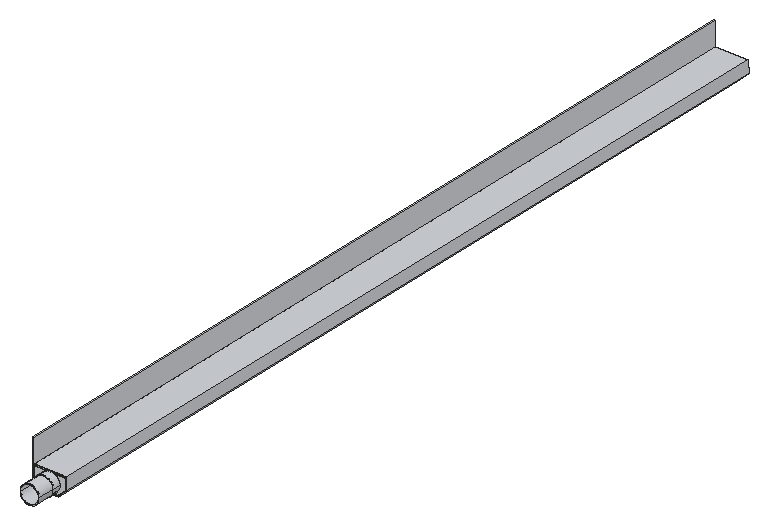
Revit family "nbl_TritonSystems_AquaChannel-ChannelEndOutlet", category Plumbing Fixtures, Revit 2012
Parameters
  WarrantyStartDate [instance] = ""
  WarrantyGuarantorParts = ""
  WarrantyGuarantorLabour = ""
  WarrantyDurationParts = ""
  WarrantyDurationLabour = ""
  WarrantyDescription = ""
  Version = "1.0"
  TagNumber [instance] = ""
  THeight = 100 mm
  SustainabilityPerformance = ""
  StandardWidth = "80 mm"
  StandardLength = "2000 mm"
  StandardHeight = "Varies"
  Size = "80 mm x Varied mm"
  Shape = "Rectangle"
  ServiceLifeType = ""
  ServiceLifeDuration = ""
  SerialNumber [instance] = ""
  ReplacementCost = ""
  ReferenceStandard = ""
  ProductionYear = ""
  Process = ""
  OutletVoidRadius = 21.2 mm
  OutletRadius = 22 mm
  NominalWidth = 80 mm
  NominalLength = 0 mm
  NominalHeight = 0 mm
  NBSReference = "90-05-20/302"
  NBSDescription = "Floor channels"
  ModelReference = "Triton Aqua Channel Channel End Outlet"
  ModelLabel = ""
  MethodOfMeasurement = ""
  Material = "PVC"
  ManufacturerURL = "www.tritonsystems.co.uk"
  Manufacturer = "Triton Systems"
  LifeCyclePhase = ""
  IssueDate = "2012-11-26"
  InstallationDate [instance] = ""
  Help = "www.nationalBIMlibrary.com"
  Grade = ""
  Finish = ""
  Features = ""
  DrainageCount [instance] = (ChannelLength - 35 mm) / 70 mm  # 28
  DrainHoles = "19 mm"
  Documentation = "www.tritonsystems.co.uk/pdf/Triton_Pumps_Brochure.pdf"
  DocumentReference = "www.tritonsystems.co.uk"
  Description = "PVC drainage conduit"
  Constituents = ""
  Colour = "Grey and Black"
  CodePerformance = ""
  ChannelLength [instance] = 2000 mm
  BarCode [instance] = ""
  BIMObjectName = "nbl_TritonSystems_AquaChannel-ChannelEndOutlet"
  Author = "NBS"
  AssetIdentifier [instance] = ""
  AccessibilityPerformance = ""
Reference planes
  plane 1 "Center (Front/Back)": y = -100
  plane 2: z = 0
  plane 3 "Center (Left/Right)": x = 0
  plane 4: y = -1100
  plane 5: y = 900
  plane 6: y = 865
  plane 7: y = -1065
  plane 8: y = 795
Forms (mm)
  Extrusion 1, solid, detail levels medium+fine
    sketch origin (0, -0.045, 0) x (1, 0, 0) y (0, 0, 1)
      loop
        line (0, 55) -> (0, -30) -> (20, -50) -> (60, -50) -> (80, -30) -> (80, 0) -> (2, 0) -> (2, 55) -> (0, 55)
      loop
        line (2, -29.172) -> (20.828, -48) -> (59.172, -48) -> (78, -29.172) -> (78, -2) -> (2, -2) -> (2, -29.172)
    from -900.045 to 1099.955
  Extrusion 2, solid
    sketch origin (0, -1100, 0) x (1, 0, 0) y (0, 0, 1)
      loop
        line (2, -2) -> (2, -29.172) -> (20.828, -48) -> (59.172, -48) -> (78, -29.172) -> (78, -2) -> (2, -2)
    from 0 to -2
  Extrusion 3, solid
    sketch origin (0, -1100, 0) x (1, 0, 0) y (0, 0, 1)
      loop
        circle (40, -25) r 22
      loop
        circle (40, -25) r 21.2
    from 0 to 60
  Extrusion 4, void
    sketch origin (0, -1160, 0) x (-1, 0, 0) y (0, 0, 1)
      loop
        circle (-40, -25) r 21.2
    from 40 to 67
  Extrusion 5, solid
    sketch origin (0, -1100, 0) x (1, 0, 0) y (0, 0, 1)
      loop
        circle (40, -25) r 22
      loop
        circle (40, -25) r 23
    from 0 to 20
  Extrusion 6, void
    sketch origin (2, -0.045, -29.172) x (-0.707107, 0, 0.707107) y (0, 1, 0)
      loop
        circle (-13.32, 865.045) r 9.5
    from -5.774 to 29.294
  Extrusion 7, void
    sketch origin (2, -70.045, -29.172) x (-0.707107, 0, 0.707107) y (0, 1, 0)
      loop
        circle (-13.32, 865.045) r 9.5
    from -5.774 to 29.294
  Extrusion 8, void
    sketch origin (2, -140.045, -29.172) x (-0.707107, 0, 0.707107) y (0, 1, 0)
      loop
        circle (-13.32, 865.045) r 9.5
    from -5.774 to 29.294
  Extrusion 9, void
    sketch origin (2, -210.045, -29.172) x (-0.707107, 0, 0.707107) y (0, 1, 0)
      loop
        circle (-13.32, 865.045) r 9.5
    from -5.774 to 29.294
  Extrusion 10, void
    sketch origin (2, -280.045, -29.172) x (-0.707107, 0, 0.707107) y (0, 1, 0)
      loop
        circle (-13.32, 865.045) r 9.5
    from -5.774 to 29.294
  Extrusion 11, void
    sketch origin (2, -350.045, -29.172) x (-0.707107, 0, 0.707107) y (0, 1, 0)
      loop
        circle (-13.32, 865.045) r 9.5
    from -5.774 to 29.294
  Extrusion 12, void
    sketch origin (2, -420.045, -29.172) x (-0.707107, 0, 0.707107) y (0, 1, 0)
      loop
        circle (-13.32, 865.045) r 9.5
    from -5.774 to 29.294
  Extrusion 13, void
    sketch origin (2, -490.045, -29.172) x (-0.707107, 0, 0.707107) y (0, 1, 0)
      loop
        circle (-13.32, 865.045) r 9.5
    from -5.774 to 29.294
  Extrusion 14, void
    sketch origin (2, -560.045, -29.172) x (-0.707107, 0, 0.707107) y (0, 1, 0)
      loop
        circle (-13.32, 865.045) r 9.5
    from -5.774 to 29.294
  Extrusion 15, void
    sketch origin (2, -630.045, -29.172) x (-0.707107, 0, 0.707107) y (0, 1, 0)
      loop
        circle (-13.32, 865.045) r 9.5
    from -5.774 to 29.294
  Extrusion 16, void
    sketch origin (2, -700.045, -29.172) x (-0.707107, 0, 0.707107) y (0, 1, 0)
      loop
        circle (-13.32, 865.045) r 9.5
    from -5.774 to 29.294
  Extrusion 17, void
    sketch origin (2, -770.045, -29.172) x (-0.707107, 0, 0.707107) y (0, 1, 0)
      loop
        circle (-13.32, 865.045) r 9.5
    from -5.774 to 29.294
  Extrusion 18, void
    sketch origin (2, -840.045, -29.172) x (-0.707107, 0, 0.707107) y (0, 1, 0)
      loop
        circle (-13.32, 865.045) r 9.5
    from -5.774 to 29.294
  Extrusion 19, void
    sketch origin (2, -910.045, -29.172) x (-0.707107, 0, 0.707107) y (0, 1, 0)
      loop
        circle (-13.32, 865.045) r 9.5
    from -5.774 to 29.294
  Extrusion 20, void
    sketch origin (2, -980.045, -29.172) x (-0.707107, 0, 0.707107) y (0, 1, 0)
      loop
        circle (-13.32, 865.045) r 9.5
    from -5.774 to 29.294
  Extrusion 21, void
    sketch origin (2, -1050.045, -29.172) x (-0.707107, 0, 0.707107) y (0, 1, 0)
      loop
        circle (-13.32, 865.045) r 9.5
    from -5.774 to 29.294
  Extrusion 22, void
    sketch origin (2, -1120.045, -29.172) x (-0.707107, 0, 0.707107) y (0, 1, 0)
      loop
        circle (-13.32, 865.045) r 9.5
    from -5.774 to 29.294
  Extrusion 23, void
    sketch origin (2, -1190.045, -29.172) x (-0.707107, 0, 0.707107) y (0, 1, 0)
      loop
        circle (-13.32, 865.045) r 9.5
    from -5.774 to 29.294
  Extrusion 24, void
    sketch origin (2, -1260.045, -29.172) x (-0.707107, 0, 0.707107) y (0, 1, 0)
      loop
        circle (-13.32, 865.045) r 9.5
    from -5.774 to 29.294
  Extrusion 25, void
    sketch origin (2, -1330.045, -29.172) x (-0.707107, 0, 0.707107) y (0, 1, 0)
      loop
        circle (-13.32, 865.045) r 9.5
    from -5.774 to 29.294
  Extrusion 26, void
    sketch origin (2, -1400.045, -29.172) x (-0.707107, 0, 0.707107) y (0, 1, 0)
      loop
        circle (-13.32, 865.045) r 9.5
    from -5.774 to 29.294
  Extrusion 27, void
    sketch origin (2, -1470.045, -29.172) x (-0.707107, 0, 0.707107) y (0, 1, 0)
      loop
        circle (-13.32, 865.045) r 9.5
    from -5.774 to 29.294
  Extrusion 28, void
    sketch origin (2, -1540.045, -29.172) x (-0.707107, 0, 0.707107) y (0, 1, 0)
      loop
        circle (-13.32, 865.045) r 9.5
    from -5.774 to 29.294
  Extrusion 29, void
    sketch origin (2, -1610.045, -29.172) x (-0.707107, 0, 0.707107) y (0, 1, 0)
      loop
        circle (-13.32, 865.045) r 9.5
    from -5.774 to 29.294
  Extrusion 30, void
    sketch origin (2, -1680.045, -29.172) x (-0.707107, 0, 0.707107) y (0, 1, 0)
      loop
        circle (-13.32, 865.045) r 9.5
    from -5.774 to 29.294
  Extrusion 31, void
    sketch origin (2, -1750.045, -29.172) x (-0.707107, 0, 0.707107) y (0, 1, 0)
      loop
        circle (-13.32, 865.045) r 9.5
    from -5.774 to 29.294
  Extrusion 32, void
    sketch origin (2, -1820.045, -29.172) x (-0.707107, 0, 0.707107) y (0, 1, 0)
      loop
        circle (-13.32, 865.045) r 9.5
    from -5.774 to 29.294
  Extrusion 33, void
    sketch origin (2, -1890.045, -29.172) x (-0.707107, 0, 0.707107) y (0, 1, 0)
      loop
        circle (-13.32, 865.045) r 9.5
    from -5.774 to 29.294
Cuts and joins
  Extrusion 4 cuts Extrusion 2
  Extrusion 6, Extrusion 7, Extrusion 8, Extrusion 9, Extrusion 10, Extrusion 11, Extrusion 12, Extrusion 13, Extrusion 14, Extrusion 15, Extrusion 16, Extrusion 17, Extrusion 18, Extrusion 19, Extrusion 20, Extrusion 21, Extrusion 22, Extrusion 23, Extrusion 24, Extrusion 25, Extrusion 26, Extrusion 27, Extrusion 28, Extrusion 29, Extrusion 30, Extrusion 31, Extrusion 32, Extrusion 33 cuts Extrusion 1
Dimensions and locks
  Extrusion 1 sketch curve to Extrusion 1 sketch curve = 2 mm
  Extrusion 2 to Extrusion 2 = 76 mm
  equal spacing: plane 4, plane 1 "Center (Front/Back)", plane 5
  "ChannelLength": plane 4 to plane 5
  locked: plane 6 to plane 5 at 35
  locked: plane 7 to plane 4 at 35
  locked: plane 6 to plane 8 at 70
  equal spacing: group 1, group 2, group 3, group 4, group 5, group 6, group 7, group 8, group 9, group 10, group 11, group 12, group 13, group 14, group 15, group 16, group 17, group 18, group 19, group 20, group 21, group 22, group 23, group 24, group 25, group 26, group 27, group 28  (x2)
  equal spacing: group 28, group 27, group 26, group 25, group 24, group 23, group 22, group 21, group 20, group 19, group 18, group 17, group 16, group 15, group 14, group 13, group 12, group 11, group 10, group 9, group 8, group 7, group 6, group 5, group 4, group 3, group 2, group 1
  "OutletRadius": radius of Extrusion 3 sketch curve
  "OutletVoidRadius": radius of Extrusion 3 sketch curve
  "OutletVoidRadius": radius of Extrusion 4 sketch curve
  aligned and locked: level to plane 2
  aligned and locked: Extrusion 2 sketch curve to Extrusion 1  (x6)
  aligned and locked: Extrusion 5 to Extrusion 4
  aligned and locked: Extrusion 1 to plane 5
  aligned and locked: plane 4 to Extrusion 1
Automatic sketch dimensions
  Extrusion 1 sketch curve to plane 3 "Center (Left/Right)" = 0 mm
  Extrusion 1 sketch curve to level = 0 mm
  plane 3 "Center (Left/Right)" to Extrusion 1 sketch curve = 2 mm
  plane 3 "Center (Left/Right)" to Extrusion 1 sketch curve = 20 mm
  Extrusion 1 sketch curve to Extrusion 1 sketch curve = 0.828 mm  (x4)
  Extrusion 1 sketch curve to Extrusion 1 sketch curve = 38.343 mm
  Extrusion 1 sketch curve to Extrusion 1 sketch curve = 18.828 mm  (x2)
  Extrusion 1 sketch curve to Extrusion 1 sketch curve = 2 mm  (x2)
  Extrusion 1 sketch curve to level = 2 mm
  Extrusion 1 sketch curve to Extrusion 1 sketch curve = 27.172 mm  (x2)
  Extrusion 1 sketch curve to Extrusion 1 sketch curve = 55 mm
  Extrusion 3 sketch curve to Extrusion 3 sketch curve = 0 mm  (x2)
  Extrusion 3 sketch curve to Extrusion 2 = 38 mm
  Extrusion 3 sketch curve to Extrusion 2 = 23 mm
  Extrusion 1 to Extrusion 5 sketch curve = 23 mm
  Extrusion 5 sketch curve to Extrusion 5 sketch curve = 0 mm  (x8)
  Extrusion 1 to Extrusion 5 sketch curve = 15 mm
  Extrusion 5 sketch curve to Extrusion 5 sketch curve = 1 mm
  Extrusion 5 sketch curve to Extrusion 5 sketch curve = 22 mm
  radius of Extrusion 6 sketch curve = 9.5 mm
  radius of Extrusion 7 sketch curve = 9.5 mm
  radius of Extrusion 8 sketch curve = 9.5 mm
  radius of Extrusion 9 sketch curve = 9.5 mm
  radius of Extrusion 10 sketch curve = 9.5 mm
  radius of Extrusion 11 sketch curve = 9.5 mm
  radius of Extrusion 12 sketch curve = 9.5 mm
  radius of Extrusion 13 sketch curve = 9.5 mm
  radius of Extrusion 14 sketch curve = 9.5 mm
  radius of Extrusion 15 sketch curve = 9.5 mm
  radius of Extrusion 16 sketch curve = 9.5 mm
  radius of Extrusion 17 sketch curve = 9.5 mm
  radius of Extrusion 18 sketch curve = 9.5 mm
  radius of Extrusion 19 sketch curve = 9.5 mm
  radius of Extrusion 20 sketch curve = 9.5 mm
  radius of Extrusion 21 sketch curve = 9.5 mm
  radius of Extrusion 22 sketch curve = 9.5 mm
  radius of Extrusion 23 sketch curve = 9.5 mm
  radius of Extrusion 24 sketch curve = 9.5 mm
  radius of Extrusion 25 sketch curve = 9.5 mm
  radius of Extrusion 26 sketch curve = 9.5 mm
  radius of Extrusion 27 sketch curve = 9.5 mm
  radius of Extrusion 28 sketch curve = 9.5 mm
  radius of Extrusion 29 sketch curve = 9.5 mm
  radius of Extrusion 30 sketch curve = 9.5 mm
  radius of Extrusion 31 sketch curve = 9.5 mm
  radius of Extrusion 32 sketch curve = 9.5 mm
  radius of Extrusion 33 sketch curve = 9.5 mm
